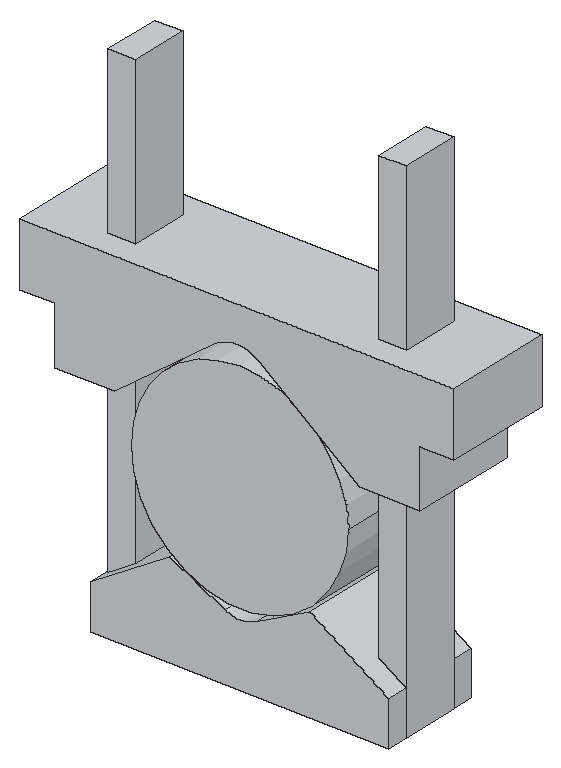
Revit family
Parameters (values of type "1" CTS")
  URL = "www.siouxchief.com"
  Model = "550-11"
  Manufacturer = "Sioux Chief Manufacturing"
  Keynote = "Touchdown Clamp"
  Description = "1\" CTS"
Reference planes (in)
  plane 1 "Center (Front/Back)": y = 0
  plane 2: z = 0
  plane 3 "Center (Left/Right)": x = 0
Forms (in)
  Extrusion 1, solid
    sketch origin (-0.687, 0.23525, 0) x (0, 0, 1) y (-1, 0, 0)
      loop
        line (0, 0) -> (0, -1.374) -> (0.20279, -1.374) -> (0.43606, -1.00854) -> (0.3064, -0.759)
        arc (0.3064, -0.759) -> (0.28881, -0.687) -> (0.3064, -0.615) r 0.15615
        line (0.3064, -0.615) -> (0.43606, -0.36546) -> (0.20279, 0) -> (0, 0)
    from 0 to 0.4705
  Extrusion 2, solid
    sketch origin (0, 0, 0) x (1, 0, 0) y (0, 1, 0)
      loop
        line (-0.687, 0.13525) -> (-0.687, -0.13525) -> (-0.562, -0.13525) -> (-0.562, 0.13525) -> (-0.687, 0.13525)
    from 0 to 2.36
  Extrusion 3, solid
    sketch origin (0, 0, 0) x (-1, 0, 0) y (0, -1, 0)
      loop
        line (-0.687, -0.13525) -> (-0.562, -0.13525) -> (-0.562, 0.13525) -> (-0.687, 0.13525) -> (-0.687, -0.13525)
    from 0 to 2.36
  Extrusion 4, solid
    sketch origin (-1, 0.251, -1.39844) x (0, 0, 1) y (-1, 0, 0)
      loop
        line (3, 0) -> (2.7052, 0) -> (2.7052, -0.1576) -> (2.4402, -0.1576) -> (2.4402, -0.437) -> (2.79546, -0.89417)
        arc (2.79546, -0.89417) -> (2.83175, -1) -> (2.79546, -1.10583) r 0.17247
        line (2.79546, -1.10583) -> (2.4402, -1.563) -> (2.4402, -1.8424) -> (2.7052, -1.8424) -> (2.7052, -2) -> (3, -2) -> (3, 0)
    from 0 to 0.502
  Extrusion 5, solid
    sketch origin (0, -0.211, 0.28516) x (0, 0, 1) y (-1, 0, 0)
      loop
        circle (0.55053, 0) r 0.5
    from -0.44625 to 0.02425
Dimensions and locks (in)
  locked: Extrusion 4 to Extrusion 1 at 1.60156
  aligned and locked: plane 2 to level
  aligned and locked: Extrusion 1 to Extrusion 5  (x2)
  aligned and locked: Extrusion 1 to level
Connectors (in)
  piping at (0, -0.23525, 0.83568)
    settings: on Extrusion 5, index 1, connector radius 1/2", flow factor 0, pipe flow 0 GPM, pressure drop 0.00 psi, fitting loss kfactor 0, connector angle 0.00°, fixture units 0, flow configuration 0, flow direction 0, fitting loss method 0, system type 22, connector reference index -1, connector utility 0, adjustable connector no, is connector primary yes, fitting loss table "", connector description ""
  piping at (0, 0.23525, 0.83568)
    settings: on Extrusion 5, index 2, connector radius 1/2", flow factor 0, pipe flow 0 GPM, pressure drop 0.00 psi, fitting loss kfactor 0, connector angle 0.00°, fixture units 0, flow configuration 0, flow direction 0, fitting loss method 0, system type 22, connector reference index -1, connector utility 0, adjustable connector no, is connector primary no, fitting loss table "", connector description ""
